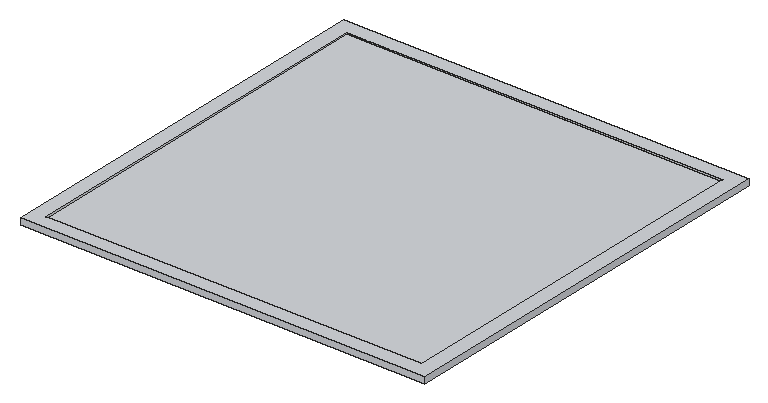
Revit family "0042507", category Lighting Fixtures, host Face, Revit 2017
Family settings
  Host = Face
  Round Connector Dimension = Use Diameter
  Part Type = Normal
  OmniClass Number = 23.80.70.00
  OmniClass Title = Lighting
  Cut with Voids When Loaded = No
  Light Source = Yes
  Shared = No
  Room Calculation Point = No
Parameters (values of type "0042507 START PANEL UGR19 600X600 4000LM 840 SSC")
  Weight = "kg"
  Wattage Comments = ""
  Wattage = 36 W
  WarrantyStartDate [instance] = "n/a"
  WarrantyGuarantorParts = "n/a"
  WarrantyDurationUnit = "n/a"
  WarrantyDurationParts = "n/a"
  WarrantyDescription = "n/a"
  WIDTH_SYL = 297.5 mm
  built-in parameter 1150110 = 1 (stored number, unit not read)
  Voltage = 0 V
  URL = "http://www.sylvania-lighting.com"
  TypeName = "START Panel UGR19 600x600 4000Lm 840 SSC"
  Type Image = <None>
  Type Comments = "n/a"
  built-in parameter 1114217 = 1 (stored number, unit not read)
  Tilt Angle = -90.00°
  built-in parameter 1150109 = 1 (stored number, unit not read)
  built-in parameter 1150134 = 12
  TOPWIDTH_SYL = 245 mm
  built-in parameter 1150113 = 1 (stored number, unit not read)
  SerialNumber [instance] = "n/a"
  Photometric Web File = "0042507.ies"
  Material_3_SYL = none
  PowerFactor = 0
  PowerConsumption = "36 W"
  NominalLength = 595 mm
  NominalHeight = 35 mm
  NominalDepth = 595 mm
  Name = "START Panel UGR19 600x600 4000Lm 840 SSC"
  ModelReference = Name  # "START Panel UGR19 600x600 4000Lm 840 SSC"
  ModelNumber = "0042507"
  Model = Name  # "START Panel UGR19 600x600 4000Lm 840 SSC"
  Material = "aluminium,steel housing, other diffuser"
  ManufacturerName = "Feilo Sylvania"
  Manufacturer = "Feilo Sylvania"
  MAINHEIGHT_SYL = 63 mm
  LuminousEfficacy = "111 lm/W"
  built-in parameter 1150105 = 317.99 (stored number, unit not read)
  Lumens = 3996 lm
  LuminaireType = ""
  built-in parameter 1150115 = 1 (stored number, unit not read)
  LightOutputRatio = "n/a"
  built-in parameter 1150137 = (empty or 0)
  built-in parameter 1150139 = (empty or 0)
  LampsType = Lamp  # "LED"
  LampNominalLuminous = "4000 lm"
  LampMacAdamStep = "3"
  LampColourTemperature = "4000 K"
  LampColourRenderingIndex = "80"
  built-in parameter 1150112 = 1 (stored number, unit not read)
  built-in parameter 1150114 = 1 (stored number, unit not read)
  Lamp = "LED"
  LUMWIDTH_SYL = 276.5 mm
  LUMDEPTH_SYL = 276.5 mm
  Keynote = "16500"
  InstallationDate [instance] = "n/a"
  InputVoltage = "n/a"
  InputNominalFrequency = "n/a"
  built-in parameter 1150132 = (empty or 0)
  built-in parameter 1150102 = (empty or 0)
  built-in parameter 1150107 = 4000 (stored number, unit not read)
  built-in parameter 1150138 = (empty or 0)
  IngressProtection = "IP40/20"
  ImpactProtectionIndex = "IK03"
  built-in parameter 1150106 = 3.1799 (stored number, unit not read)
  IfcExportType = "IfcLightFixtureType"
  IfcExportAs = "IfcLightFixtureType"
  HEIGHT_SYL = 33 mm
  HEIGHTBOTT_SYL = 7 mm
  Emit from Circle Diameter = 609.6 mm
  Emit Shape Visible in Rendering = no
  ElectricShockClassification = "Class II"
  built-in parameter 1150104 = 10.312 (stored number, unit not read)
  DocumentationLiterature = "http://www.sylvania-lighting.com/product/en-int/products/0042507"
  DimmingControlOptions = "n/a"
  Material_2_SYL = none
  Dimming Lamp Color Temperature Shift = <None>
  Description = "START Panel is a range of backlit LED panels used in recessed ceilings. Ideal for general indoor appliactions such as corridors, breakrooms, offices and meeting rooms. Luminaire dimensions are compatible with common ceiling installation, and the shallow design makes it easy to install in low ceilings. 4000Lm; 36W; 111Lm/W; Drive current: 750mA; Average life: 50000Hrs; 4000K; CRI 80; Glare control <19; IK03; IP40 (from the front); SDCM<3; Class II; Loop in loop out connector for quick installation. SylSmart Standalone (SSC) enabled."
  Default Elevation = 1219.2 mm
  DEPTH_SYL = 297.5 mm
  CreatedOn = "11/2/2020"
  CreatedBy = "@sylvania-lighting.com"
  Cost = 0
  Color Filter = 16777215
  built-in parameter 1114216 [instance] = (empty or 0)
  ClassificationValue = "EF_70_80"
  ClassificationName = "Uniclass2015"
  Material_1_SYL = none
  BarCode [instance] = "n/a"
  built-in parameter 1114218 = 1 (stored number, unit not read)
  BOX_WIDTH_SYL = 40 mm
  built-in parameter 1150133 = 10 (stored number, unit not read)
  AssetType = "Fixed"
  AssetIdentifier [instance] = "n/a"
  Assembly Code = "D5020200"
  Apparent Load = 36 VA
  Material_4_SYL = none
  -LUMDEPTH_SYL = LUMDEPTH_SYL * (-1)  # -276.5 mm
Types (6, lengths in mm): name | Wattage | TypeName | built-in parameter 1150134 | Photometric Web File | PowerConsumption | NominalHeight | Name | ModelReference | ModelNumber | Model | LuminousEfficacy | built-in parameter 1150105 | Lumens | LampNominalLuminous | LampMacAdamStep | LampColourTemperature | built-in parameter 1150107 | built-in parameter 1150106 | built-in parameter 1150104 | DocumentationLiterature | Description | Apparent Load
  0042567 ST PANEL UGR19 600X600 4800LM 840 SSC | 43 W | "START Panel UGR19 600x600 4800Lm 840 SSC" | 12 | "0042567.ies" | "43 W" | 34 | "START Panel UGR19 600x600 4800Lm 840 SSC" | "START Panel UGR19 600x600 4800Lm 840 SSC" | "0042567" | "START Panel UGR19 600x600 4800Lm 840 SSC" | "112 lm/W" | 383.25 (stored number, unit not read) | 4816 lm | "4800 lm" | "3" | "4000 K" | 4000 (stored number, unit not read) | 3.8325 (stored number, unit not read) | 10.405 (stored number, unit not read) | "http://www.sylvania-lighting.com/product/en-int/products/0042567" | "START Panel is a range of backlit LED panels used in recessed ceilings. Ideal for general indoor appliactions such as corridors, breakrooms, offices and meeting rooms. Luminaire dimensions are compatible with common ceiling installation, and the shallow design makes it easy to install in low ceilings. 4800Lm; 43W; 112Lm/W; Drive current: 950mA; Average life: 50000Hrs; 4000K; CRI 80; Glare control <19; IK03; IP40 (from the front); SDCM<3; Class II; Loop in loop out connector for quick installation. SylSmart Standalone (SSC) enabled." | 43 VA
  0042566 ST PANEL UGR19 600X600 4600LM 830 SSC | 43 W | "START Panel UGR19 600x600 4600Lm 830 SSC" | (empty or 0) | "0042566.ies" | "43 W" | 34 | "START Panel UGR19 600x600 4600Lm 830 SSC" | "START Panel UGR19 600x600 4600Lm 830 SSC" | "0042566" | "START Panel UGR19 600x600 4600Lm 830 SSC" | "107 lm/W" | 366.14 (stored number, unit not read) | 4601 lm | "4600 lm" | "3" | "3000 K" | 3000 (stored number, unit not read) | 3.6614 (stored number, unit not read) | 9.9406 (stored number, unit not read) | "http://www.sylvania-lighting.com/product/en-int/products/0042566" | "START Panel is a range of backlit LED panels used in recessed ceilings. Ideal for general indoor appliactions such as corridors, breakrooms, offices and meeting rooms. Luminaire dimensions are compatible with common ceiling installation, and the shallow design makes it easy to install in low ceilings. 4600Lm; 43W; 107Lm/W; Drive current: 950mA; Average life: 50000Hrs; 3000K; CRI 80; Glare control <19; IK03; IP40 (from the front); SDCM<3; Class II; Loop in loop out connector for quick installation. SylSmart Standalone (SSC) enabled." | 43 VA
  0042508 START PANEL UGR19 600X600 4000LM 865 SSC | 36 W | "START Panel UGR19 600x600 4000Lm 865 SSC" | 1 | "0042508.ies" | "36 W" | 35 | "START Panel UGR19 600x600 4000Lm 865 SSC" | "START Panel UGR19 600x600 4000Lm 865 SSC" | "0042508" | "START Panel UGR19 600x600 4000Lm 865 SSC" | "111 lm/W" | 317.99 (stored number, unit not read) | 3996 lm | "4000 lm" | "6" | "6500 K" | 6500 (stored number, unit not read) | 3.1799 (stored number, unit not read) | 10.312 (stored number, unit not read) | "http://www.sylvania-lighting.com/product/en-int/products/0042508" | "START Panel is a range of backlit LED panels used in recessed ceilings. Ideal for general indoor appliactions such as corridors, breakrooms, offices and meeting rooms. Luminaire dimensions are compatible with common ceiling installation, and the shallow design makes it easy to install in low ceilings. 4000Lm; 36W; 111Lm/W; Drive current: 750mA; Average life: 50000Hrs; 6500K; CRI 80; Glare control <19; IK03; IP40 (from the front); Class II; Loop in loop out connector for quick installation. SylSmart Standalone (SSC) enabled." | 36 VA
  0042507 START PANEL UGR19 600X600 4000LM 840 SSC | 36 W | "START Panel UGR19 600x600 4000Lm 840 SSC" | 12 | "0042507.ies" | "36 W" | 35 | "START Panel UGR19 600x600 4000Lm 840 SSC" | "START Panel UGR19 600x600 4000Lm 840 SSC" | "0042507" | "START Panel UGR19 600x600 4000Lm 840 SSC" | "111 lm/W" | 317.99 (stored number, unit not read) | 3996 lm | "4000 lm" | "3" | "4000 K" | 4000 (stored number, unit not read) | 3.1799 (stored number, unit not read) | 10.312 (stored number, unit not read) | "http://www.sylvania-lighting.com/product/en-int/products/0042507" | "START Panel is a range of backlit LED panels used in recessed ceilings. Ideal for general indoor appliactions such as corridors, breakrooms, offices and meeting rooms. Luminaire dimensions are compatible with common ceiling installation, and the shallow design makes it easy to install in low ceilings. 4000Lm; 36W; 111Lm/W; Drive current: 750mA; Average life: 50000Hrs; 4000K; CRI 80; Glare control <19; IK03; IP40 (from the front); SDCM<3; Class II; Loop in loop out connector for quick installation. SylSmart Standalone (SSC) enabled." | 36 VA
  0042506 START PANEL UGR19 600X600 3800LM 830 SSC | 36 W | "START Panel UGR19 600x600 3800Lm 830 SSC" | (empty or 0) | "0042506.ies" | "36 W" | 35 | "START Panel UGR19 600x600 3800Lm 830 SSC" | "START Panel UGR19 600x600 3800Lm 830 SSC" | "0042506" | "START Panel UGR19 600x600 3800Lm 830 SSC" | "106 lm/W" | 303.67 (stored number, unit not read) | 3816 lm | "3800 lm" | "3" | "3000 K" | 3000 (stored number, unit not read) | 3.0367 (stored number, unit not read) | 9.8477 (stored number, unit not read) | "http://www.sylvania-lighting.com/product/en-int/products/0042506" | "START Panel is a range of backlit LED panels used in recessed ceilings. Ideal for general indoor appliactions such as corridors, breakrooms, offices and meeting rooms. Luminaire dimensions are compatible with common ceiling installation, and the shallow design makes it easy to install in low ceilings. 3800Lm; 36W; 106Lm/W; Drive current: 750mA; Average life: 50000Hrs; 3000K; CRI 80; Glare control <19; IK03; IP40 (from the front); SDCM<3; Class II; Loop in loop out connector for quick installation. SylSmart Standalone (SSC) enabled." | 36 VA
  0042568 ST PANEL UGR19 600X600 4800LM 865 SSC | 43 W | "START Panel UGR19 600x600 4800Lm 865 SSC" | 1 | "0042568.ies" | "43 W" | 34 | "START Panel UGR19 600x600 4800Lm 865 SSC" | "START Panel UGR19 600x600 4800Lm 865 SSC" | "0042568" | "START Panel UGR19 600x600 4800Lm 865 SSC" | "112 lm/W" | 383.25 (stored number, unit not read) | 4816 lm | "4800 lm" | "6" | "6500 K" | 6500 (stored number, unit not read) | 3.8325 (stored number, unit not read) | 10.405 (stored number, unit not read) | "http://www.sylvania-lighting.com/product/en-int/products/0042568" | "START Panel is a range of backlit LED panels used in recessed ceilings. Ideal for general indoor appliactions such as corridors, breakrooms, offices and meeting rooms. Luminaire dimensions are compatible with common ceiling installation, and the shallow design makes it easy to install in low ceilings. 4800Lm; 43W; 112Lm/W; Drive current: 950mA; Average life: 50000Hrs; 6500K; CRI 80; Glare control <19; IK03; IP40 (from the front); Class II; Loop in loop out connector for quick installation. SylSmart Standalone (SSC) enabled." | 43 VA
Reference planes
  plane 1 "Center (Front/Back)": y = 0
  plane 2: z = 0
  plane 3 "Center (Left/Right)": x = 0
  plane 4: x = -297.5
  plane 5: x = 297.5
  plane 6: y = 297.5
  plane 7: y = -297.5
  plane 8: x = 276.5
  plane 9: x = -276.5
  plane 10: y = 276.5
  plane 11: y = -276.5
  plane 12: z = -33
  plane 13: z = -7
  plane 14: x = -245
  plane 15: x = 245
  plane 16: y = -245
  plane 17: y = 245
  plane 18: y = 276.5
  plane 19: y = -276.5
  plane 20: z = -63
  plane 21: x = -40
  plane 22: x = 40
Forms (mm)
  Extrusion 1, solid
    sketch origin (0, 0, 0) x (1, 0, 0) y (0, 1, 0)
      loop
        line (-297.5, 297.5) -> (-297.5, -297.5) -> (297.5, -297.5) -> (297.5, 297.5) -> (-297.5, 297.5)
    from -7 to 2
  Extrusion 2, void
    sketch origin (0, 0, 0) x (1, 0, 0) y (0, 1, 0)
      loop
        line (-276.5, 276.5) -> (-276.5, -276.5) -> (276.5, -276.5) -> (276.5, 276.5) -> (-276.5, 276.5)
    from 0 to 10
  Extrusion 3, solid
    sketch origin (0, 0, 0) x (1, 0, 0) y (0, 0, 1)
      loop
        line (-276.5, -7) -> (-245, -33) -> (245, -33) -> (276.5, -7) -> (-276.5, -7)
    from -276.5 <- "-LUMDEPTH_SYL" to 276.5 <- "LUMDEPTH_SYL"
  Extrusion 4, void
    sketch origin (319, 1524, 1219.2) x (0, 1, 0) y (0, 0, 1)
      loop
        line (-1279, -1252.2) -> (-1247.5, -1252.2) -> (-1247.5, -1226.2) -> (-1279, -1252.2)
      loop
        line (-1800.5, -1226.2) -> (-1800.5, -1252.2) -> (-1769, -1252.2) -> (-1800.5, -1226.2)
    from -1000 to 1000
Cuts and joins
  Extrusion 2 cuts Extrusion 1
  Extrusion 4 cuts Extrusion 3
Dimensions and locks
  "WIDTH_SYL": plane 4 to plane 3 "Center (Left/Right)" to plane 5
  "DEPTH_SYL": plane 7 to plane 1 "Center (Front/Back)" to plane 6
  "LUMWIDTH_SYL": plane 9 to plane 3 "Center (Left/Right)" to plane 8
  "LUMDEPTH_SYL": plane 11 to plane 1 "Center (Front/Back)" to plane 10
  "HEIGHT_SYL": host face to plane 12
  "HEIGHTBOTT_SYL": host face to plane 13
  "TOPWIDTH_SYL": plane 14 to imposter light to plane 15
  "TOPWIDTH_SYL": plane 17 to imposter light to plane 16
  "LUMWIDTH_SYL": plane 18 to imposter light to plane 19
  "MAINHEIGHT_SYL": host face to plane 20
  "BOX_WIDTH_SYL": plane 21 to imposter light to plane 22
  aligned and locked: plane 2 to host face
  aligned and locked: level to host face
  aligned and locked: plane 6 to Extrusion 1 sketch curve
  aligned and locked: plane 4 to Extrusion 1 sketch curve
  aligned and locked: Extrusion 1 sketch curve to plane 7
  aligned and locked: Extrusion 1 sketch curve to plane 5
  aligned and locked: plane 10 to Extrusion 2 sketch curve
  aligned and locked: Extrusion 2 sketch curve to plane 9
  aligned and locked: Extrusion 2 sketch curve to plane 11
  aligned and locked: plane 8 to Extrusion 2 sketch curve
Automatic sketch dimensions
  host sketch curve to host sketch curve = 2438.4 mm  (x2)
  plane 9 to Extrusion 3 sketch curve = 0 mm
  Extrusion 3 sketch curve to plane 12 = 0 mm
  plane 14 to Extrusion 3 sketch curve = 0 mm
  plane 15 to Extrusion 3 sketch curve = 0 mm
  plane 8 to Extrusion 3 sketch curve = 0 mm
  Extrusion 3 sketch curve to plane 13 = 0 mm
  Extrusion 4 sketch curve to plane 11 = 0 mm
  plane 12 to Extrusion 4 sketch curve = 0 mm  (x2)
  Extrusion 4 sketch curve to plane 16 = 0 mm
  Extrusion 4 sketch curve to plane 17 = 0 mm
  Extrusion 4 sketch curve to plane 10 = 0 mm
  plane 13 to Extrusion 4 sketch curve = 0 mm  (x2)
